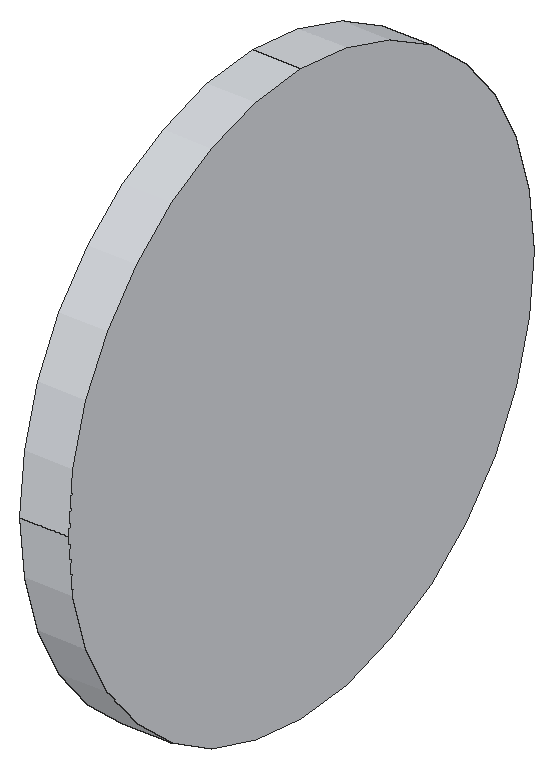
Revit family "M_Round Endcap", category Duct Fittings, Revit 2014
Parameters (values of type "Standard")
  built-in parameter 1114242 [instance] = (empty or 0)
  Duct Radius [instance] = 150 mm
  Duct Length = 25 mm
Reference planes
  plane 1 "Center (Front/Back)": y = 0
  plane 2: z = 0
  plane 3 "Center (Left/Right)": x = 0
  plane 4: x = 25
  plane 5: x = 25.4
  plane 6: y = 150
  plane 7: y = -150
Forms (mm)
  Sweep 1, solid, detail levels medium+fine
    path in 3D
      loop
        line (0, 0, 0) -> (25, 0, 0)
    profile "M_Duct - Round : Duct - Round" origin (12.5, 0, 0) x (0, 1, 0) y (0, 0, 1)
      loop
        arc (-150, 0) -> (-106.066, -106.066) -> (0, -150) r 150
        arc (0, -150) -> (106.066, -106.066) -> (150, 0) r 150
        arc (150, 0) -> (106.066, 106.066) -> (0, 150) r 150
        arc (0, 150) -> (-106.066, 106.066) -> (-150, 0) r 150
Lines and regions (mm)
  reference lines
    curve 1: line (0, 0, 0) -> (25, 0, 0)
    curve 2: line (0, 0, 0) -> (25.4, 0, 0)
  sketch lines
    curve 3: line (0, 0, 0) -> (25, 0, 0)
  model lines, style "DuctFitting", detail levels coarse
    curve 4: line (0, 150, 0) -> (-101.6, 150, 0)
    curve 5: line (0, 150, 0) -> (0, -150, 0)
    curve 6: line (0, -150, 0) -> (-101.6, -150, 0)
Dimensions and locks
  "Duct Length": plane 3 "Center (Left/Right)" to plane 4
  "Duct Radius": plane 1 "Center (Front/Back)" to plane 6
  "Duct Radius": plane 1 "Center (Front/Back)" to plane 7
  aligned and locked: plane 4 to curve 1
  aligned and locked: plane 3 "Center (Left/Right)" to curve 1
  aligned and locked: plane 3 "Center (Left/Right)" to curve 2
  aligned and locked: plane 6 to curve 4
  aligned and locked: curve 5 to plane 3 "Center (Left/Right)"
  aligned and locked: plane 7 to curve 6
  aligned and locked: plane 1 "Center (Front/Back)" to curve 1
Automatic sketch dimensions
  curve 2 to plane 5 = 0 mm
  curve 6 to curve 6 = 101.6 mm
  curve 4 to curve 4 = 101.6 mm
  curve 2 to plane 1 "Center (Front/Back)" = 0 mm
Connectors
  hvac at (0, 0, 0), driven by "Duct Radius"
    settings: on Sweep 1, index 1, duct flow 0.0 L/s, flow factor 0, pres drop 0.0 Pa, loss coef 0, conn angle 0.00°, conn width 304.8 mm, conn height 304.8 mm, conn diameter 300 mm, duct sys type 28, conn prof type 0, flow config 0, flow direction 0, loss method 0, conn ref index -1, conn util no, is conn primary yes, conn desc ""
